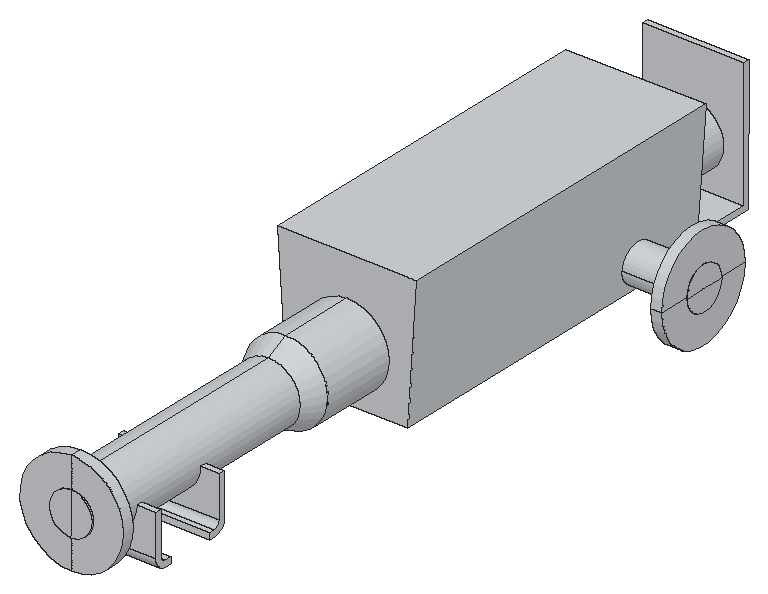
Revit family "fb61463a40d04de6beee19fcb71b6643", category Mechanical Equipment, Revit 2021
Family settings
  Round Connector Dimension = Use Radius
  Classification = Pump
  Part Type = Normal
  OmniClass Number = 23.60.30.21.17
  OmniClass Title = Motor Pumps
  Work Plane-Based = No
  Always vertical = Yes
  Cut with Voids When Loaded = No
  Shared = No
  Room Calculation Point = No
Parameters (values of type "22.5 GPM")
  Voltage [instance] = 240 V
  Symbol Radius = Width / 2  # 5.70898"
  Suction Z Offset = Suction Body Radius + 1/2"  # 2 1/16"
  Suction Nominal Radius = 1 1/4"
  Suction Nominal Diameter = Suction Nominal Radius * 2  # 2 1/2"
  Suction Body Radius = Suction Nominal Radius * 1.05 + 1/4"  # 1 9/16"
  Raised Face Radius = (1.28 * Suction Nominal Diameter + 77/256") / 2  # 1.75039"
  Pump Material = none
  Offset = 0"
  Number of Poles [instance] = 3
  Motor Length = 6 157/256"
  Load Classification = Appliance - Dwelling Unit
  Length 2 = Flange Radius + 2"  # 6 1/4"
  Length 1 = Frame Width / 2 - 1 1/2"  # 2.63477"
  Length = 64 105/256"
  Height = 11 13/128"
  Frame Width = 8 69/256"
  Flow [instance] = 22.5 GPM
  Flange Thickness = 1"
  Flange Radius = Flange Diameter / 2  # 4 1/4"
  Flange Diameter = 8 1/2"
  Discharge Z Offset = 4 105/256"
  Discharge Nominal Radius = Suction Nominal Radius  # 1 1/4"
  Width = 11 107/256"
  Default Elevation = 0"
  Chamber Width = 9 27/32"
  Chamber Length = 29 135/256"
  Center to Suction End = 10.62992"
  Apparent Load [instance] = 0 VA
Reference planes (in)
  plane 1 "Center (Front/Back)": y = 0
  plane 2: z = 0
  plane 3 "Center (Left/Right)": x = 0
  plane 4: x = -5.70898
  plane 5: x = 5.70898
  plane 6: y = -32.20508
  plane 7: y = 32.20508
  plane 8 "Bottom": z = 0
  plane 9: z = 11.10156
  plane 10 "discharge cl": z = 4.41016
  plane 11: y = -32.12634
  plane 12: y = -31.20508
  plane 13 "suction cl": y = 19.3418
  plane 14: y = -11.18555
  plane 15: y = -12.18555
  plane 16: y = -10.18555
  plane 17: z = 5.97266
  plane 18: y = 25.5918
  plane 19: x = -4.13477
  plane 20: x = 4.13477
  plane 21: y = -21.69531
  plane 22 "chamber front": y = -3.93555
  plane 23: x = -4.92187
  plane 24: x = 4.92188
  plane 25 "suction end": x = 10.62992
  plane 26 "suction z cl": z = 2.0625
  plane 27: x = -1.5625
  plane 28: x = 1.5625
Forms (in)
  Revolve 1, solid, material <- "Pump Material"
    sketch origin (0, 0, 0) x (0, 1, 0) y (0, 0, 1)
      loop
        line (32.20508, 4.41016) -> (32.20508, 5.97266) -> (31.26758, 7.04492) -> (19.3418, 7.04492) -> (19.3418, 7.81641) -> (-10.18555, 7.81641) -> (-11.99497, 6.97266) -> (-31.20508, 6.97266) -> (-31.20508, 8.66016) -> (-32.12634, 8.66016) -> (-32.12634, 6.16055) -> (-32.20508, 6.16055) -> (-32.20508, 4.41016) -> (32.20508, 4.41016)
      axis (-32.20508, 4.41016) -> (32.20508, 4.41016)
    angle from 0 to 360
  Extrusion 2, solid, material <- "Pump Material"
    sketch origin (0, 0, 0) x (0, 1, 0) y (0, 0, 1)
      loop
        line (-28.70508, 4.41016) -> (-28.70508, 1)
        arc (-28.70508, 1) -> (-28.41218, 0.29289) -> (-27.70508, 0) r 1
        line (-27.70508, 0) -> (-27.20508, 0) -> (-27.20508, 0.5) -> (-27.70508, 0.5)
        arc (-27.70508, 0.5) -> (-28.05863, 0.64645) -> (-28.20508, 1) r 0.5
        line (-28.20508, 1) -> (-28.20508, 4.41016) -> (-28.70508, 4.41016)
      loop
        line (-21.69531, 4.41016) -> (-22.19531, 4.41016) -> (-22.19531, 1)
        arc (-22.19531, 1) -> (-22.34176, 0.64645) -> (-22.69531, 0.5) r 0.5
        line (-22.69531, 0.5) -> (-23.19531, 0.5) -> (-23.19531, 0) -> (-22.69531, 0)
        arc (-22.69531, 0) -> (-21.98821, 0.29289) -> (-21.69531, 1) r 1
        line (-21.69531, 1) -> (-21.69531, 4.41016)
    from -4.13477 to 4.13477
  Extrusion 3, solid, material <- "Pump Material"
    sketch origin (0, 0, 0) x (0, 1, 0) y (0, 0, 1)
      loop
        line (25.5918, 0) -> (31.95508, 0) -> (31.95508, 11.00781) -> (31.45508, 11.00781) -> (31.45508, 0.5) -> (26.0918, 0.5) -> (26.0918, 9.13672) -> (25.5918, 9.13672) -> (25.5918, 0)
    from -4.13477 to 4.13477
  Extrusion 4, solid, material <- "Pump Material"
    sketch origin (0, 0, 0) x (1, 0, 0) y (0, 0, 1)
      loop
        line (-4.92187, 0) -> (4.92188, 0) -> (5.70898, 11.10156) -> (-5.70898, 11.10156) -> (-4.92187, 0)
    from -25.5918 to 3.93555
  Revolve 5, solid, material <- "Pump Material"
    sketch origin (0, 4.8105, 2.0625) x (0, -1, 0) y (1, 0, 0)
      loop
        line (-14.5313, 0) -> (-14.5313, 10.62992) -> (-16.28169, 10.62992) -> (-16.28169, 10.53617) -> (-18.7813, 10.53617) -> (-18.7813, 9.62992) -> (-16.0938, 9.62992) -> (-16.0938, 0) -> (-14.5313, 0)
      axis (-14.5313, 0) -> (-14.5313, 10.62992)
    angle from 0 to 360
Cuts and joins
  joined: Revolve 1, Extrusion 2, Extrusion 3, Extrusion 4
Lines and regions (in)
  Masking region 1, detail levels fine
    outline origin (0, 0, 4.41016) x (0, -1, 0) y (1, 0, 0)
      loop
        line (-25.5918, -4.13477) -> (-25.5918, -5.70898) -> (3.93555, -5.70898) -> (3.93555, -3.40625) -> (10.18555, -3.40625) -> (12.18555, -2.5625) -> (31.20508, -2.5625) -> (31.20508, -4.25) -> (32.20508, -4.25) -> (32.20508, 4.25) -> (31.20508, 4.25) -> (31.20508, 2.5625) -> (12.18555, 2.5625) -> (10.18555, 3.40625) -> (3.93555, 3.40625) -> (3.93555, 5.70898) -> (-17.7793, 5.70898) -> (-17.7793, 9.62992) -> (-15.0918, 9.62992) -> (-15.0918, 10.62992) -> (-23.5918, 10.62992) -> (-23.5918, 9.62992) -> (-20.9043, 9.62992) -> (-20.9043, 5.70898) -> (-25.5918, 5.70898) -> (-25.5918, 4.13477) -> (-32.20508, 4.13477) -> (-32.20508, -4.13477) -> (-25.5918, -4.13477)
  symbolic lines, detail levels fine
    curve 1: line (-4.13477, 25.5918, 4.41016) -> (4.13477, 25.5918, 4.41016)
    curve 2: line (-3.40625, -3.93555, 4.41016) -> (3.40625, -3.93555, 4.41016)
    curve 3: line (-3.40625, -10.18555, 4.41016) -> (3.40625, -10.18555, 4.41016)
    curve 4: line (-2.5625, -12.18555, 4.41016) -> (2.5625, -12.18555, 4.41016)
    curve 5: line (-2.5625, -31.20508, 4.41016) -> (2.5625, -31.20508, 4.41016)
    curve 6: line (9.62992, 20.9043, 4.41016) -> (9.62992, 17.7793, 4.41016)
    curve 7: line (5.70898, 20.9043, 4.41016) -> (5.70898, 17.7793, 4.41016)
Dimensions and locks (in)
  equal spacing: plane 4, plane 3 "Center (Left/Right)", plane 5
  "Width": plane 4 to plane 5
  equal spacing: plane 7, plane 1 "Center (Front/Back)", plane 6
  "Length": plane 7 to plane 6
  "Offset": plane 8 "Bottom" to level
  "Height": plane 9 to plane 8 "Bottom"
  "Discharge Z Offset": plane 10 "discharge cl" to plane 8 "Bottom"
  locked: plane 6 to plane 11 at 0.07874
  "Flange Thickness": plane 6 to plane 12
  "Flange Thickness": plane 14 to plane 16
  "Flange Thickness": plane 15 to plane 14
  "Flange Radius": Revolve 1 sketch curve to Revolve 1 sketch curve
  "Raised Face Radius": Revolve 1 sketch curve to Revolve 1 sketch curve
  "Suction Body Radius": plane 17 to plane 10 "discharge cl"
  locked: plane 17 to Revolve 1 sketch curve at 1
  equal spacing: Revolve 1 sketch curve, Revolve 1 sketch curve, Revolve 1 sketch curve
  "Length 2": plane 13 "suction cl" to plane 18
  plane 12 to Extrusion 2 sketch curve = 2 1/2"
  locked: Extrusion 2 sketch curve to Extrusion 2 sketch curve at 0.5  (x4)
  locked: Extrusion 2 sketch curve to Extrusion 2 sketch curve at 1  (x2)
  equal spacing: plane 19, plane 3 "Center (Left/Right)", plane 20
  "Frame Width": plane 19 to plane 20
  locked: Extrusion 3 sketch curve to Extrusion 3 sketch curve at 0.5  (x2)
  locked: Extrusion 3 sketch curve to plane 7 at 0.25
  "Motor Length": plane 18 to plane 7
  equal spacing: plane 12, plane 21, plane 15
  "Chamber Length": plane 22 "chamber front" to plane 18
  "Length 2": plane 16 to plane 22 "chamber front"
  equal spacing: plane 24, plane 3 "Center (Left/Right)", plane 23
  "Chamber Width": plane 24 to plane 23
  "Center to Suction End": plane 3 "Center (Left/Right)" to plane 25 "suction end"
  "Suction Z Offset": plane 26 "suction z cl" to level
  locked: Revolve 5 sketch curve to Revolve 5 sketch curve at 0.09375
  "Flange Thickness": Revolve 5 sketch curve to Revolve 5 sketch curve
  "Suction Body Radius": Revolve 5 sketch curve to Revolve 5 sketch curve
  "Raised Face Radius": Revolve 5 sketch curve to Revolve 5 sketch curve
  "Flange Radius": Revolve 5 sketch curve to Revolve 5 sketch curve
  "Length 1": Revolve 1 sketch curve to Revolve 1 sketch curve
  locked: Revolve 1 sketch curve to Revolve 1 sketch curve at 1.07227
  equal spacing: plane 27, plane 3 "Center (Left/Right)", plane 28
  "Suction Body Radius": plane 27 to plane 3 "Center (Left/Right)"
  locked: Masking region 1 sketch curve to plane 27 at 1
  locked: plane 28 to Masking region 1 sketch curve at 1
  "Flange Radius": Masking region 1 sketch curve to plane 3 "Center (Left/Right)"
  "Flange Radius": plane 3 "Center (Left/Right)" to Masking region 1 sketch curve
  equal spacing: Masking region 1 sketch curve, Masking region 1 sketch curve, Masking region 1 sketch curve  (x2)
  "Suction Body Radius": plane 13 "suction cl" to Masking region 1 sketch curve  (x2)
  "Flange Thickness": Masking region 1 sketch curve to Masking region 1 sketch curve
  "Flange Radius": plane 13 "suction cl" to Masking region 1 sketch curve  (x2)
  radius of Extrusion 2 sketch curve = 1"  (x2)
  radius of Extrusion 2 sketch curve = 1/2"  (x2)
  aligned and locked: Revolve 1 sketch curve to plane 10 "discharge cl"
  aligned and locked: Revolve 1 sketch curve to plane 12
  aligned and locked: Revolve 1 sketch curve to plane 11
  aligned and locked: plane 6 to Revolve 1 sketch curve
  aligned and locked: Revolve 1 sketch curve to plane 7
  aligned and locked: Extrusion 2 sketch curve to plane 10 "discharge cl"
  aligned and locked: plane 8 "Bottom" to Extrusion 2 sketch curve
  aligned and locked: Extrusion 2 to plane 19
  aligned and locked: Extrusion 2 to plane 20
  aligned and locked: Extrusion 3 sketch curve to plane 18
  aligned and locked: Extrusion 2 sketch curve to plane 21
  aligned and locked: cut or joined group of Revolve 1, Extrusion 2, Extrusion 3, Extrusion 4 to plane 19
  aligned and locked: plane 20 to cut or joined group of Revolve 1, Extrusion 2, Extrusion 3, Extrusion 4
  aligned and locked: Revolve 1 sketch curve to plane 13 "suction cl"
  aligned and locked: Extrusion 4 sketch curve to plane 8 "Bottom"
  aligned and locked: plane 23 to Extrusion 4 sketch curve
  aligned and locked: plane 24 to Extrusion 4 sketch curve
  aligned and locked: Extrusion 4 sketch curve to plane 9
  aligned and locked: plane 4 to Extrusion 4 sketch curve
  aligned and locked: plane 5 to Extrusion 4 sketch curve
  aligned and locked: Extrusion 4 to plane 22 "chamber front"
  aligned and locked: Extrusion 4 to plane 18
  aligned and locked: Revolve 5 sketch curve to plane 13 "suction cl"
  aligned and locked: Revolve 5 sketch curve to Revolve 5 sketch curve
  aligned and locked: plane 3 "Center (Left/Right)" to Revolve 5 sketch curve
  aligned and locked: Revolve 5 sketch curve to plane 25 "suction end"
  aligned and locked: plane 15 to Masking region 1 sketch curve  (x2)
  aligned and locked: Masking region 1 sketch curve to Masking region 1 sketch curve  (x2)
  aligned and locked: Masking region 1 sketch curve to plane 12
  aligned and locked: Masking region 1 sketch curve to plane 6
  aligned and locked: plane 16 to Masking region 1 sketch curve  (x2)
  aligned and locked: plane 22 "chamber front" to Masking region 1 sketch curve  (x2)
  aligned and locked: plane 4 to Masking region 1 sketch curve
  aligned and locked: Masking region 1 sketch curve to plane 5
  aligned and locked: Masking region 1 sketch curve to plane 18  (x2)
  aligned and locked: Masking region 1 sketch curve to cut or joined group of Revolve 1, Extrusion 2, Extrusion 3, Extrusion 4  (x2)
  aligned and locked: Masking region 1 to curve 5  (x2)
  aligned and locked: curve 5 to Masking region 1
  aligned and locked: Masking region 1 to curve 4  (x2)
  aligned and locked: curve 4 to Masking region 1
  aligned and locked: Masking region 1 to curve 3  (x2)
  aligned and locked: curve 3 to Masking region 1
  aligned and locked: curve 2 to Masking region 1  (x2)
  aligned and locked: Masking region 1 to curve 2
  aligned and locked: curve 1 to Masking region 1  (x2)
  aligned and locked: Masking region 1 to curve 1
  aligned and locked: Masking region 1 sketch curve to plane 25 "suction end"
  aligned and locked: Masking region 1 to curve 6  (x2)
  aligned and locked: curve 6 to Masking region 1
  aligned and locked: curve 7 to Masking region 1  (x2)
  aligned and locked: Masking region 1 to curve 7
Automatic sketch dimensions
  Extrusion 2 sketch curve to plane 8 "Bottom" = 0"
  Extrusion 2 sketch curve to plane 10 "discharge cl" = 0"
  Extrusion 3 sketch curve to plane 8 "Bottom" = 0"
  plane 8 "Bottom" to Extrusion 3 sketch curve = 1/2"
  Revolve 1 sketch curve to plane 16 = 0"
  Revolve 1 sketch curve to plane 10 "discharge cl" = 0"
  Revolve 1 sketch curve to plane 7 = 15/16"
  Revolve 1 sketch curve to plane 6 = 12.60339"
  plane 15 to Revolve 1 sketch curve = 0.19057"
  Revolve 1 sketch curve to Revolve 1 sketch curve = 17.5763"
  Extrusion 3 sketch curve to plane 9 = 1 247/256"
  Extrusion 3 sketch curve to plane 9 = 3/32"
  Revolve 5 sketch curve to plane 4 = 14.9881"
  Revolve 5 sketch curve to Revolve 5 sketch curve = 25.67299"
  Masking region 1 sketch curve to plane 7 = 0"
  Masking region 1 sketch curve to plane 5 = 0"
Nested families (in)
  nested 1: "Pump Symbol" at (0, 0, 11.75), Symbol Radius <- "Symbol Radius", type "Pump Symbol", detail levels coarse+medium
    with Symbol Radius 5.70898", Symbol Length 2 4.94413", Symbol Length 1 2.85449"
Connectors (in)
  piping at (0, -32.20508, 4.41016), diameter 2.5, driven by "Discharge Nominal Radius", driven by "Flow"
    settings: on cut or joined group of Revolve 1, Extrusion 2, Extrusion 3, Extrusion 4, index 2, connector inside diameter 24", connector length 0", flow factor 0, pipe flow 22.5 GPM, pressure drop 0.00 psi, fitting loss kfactor 0, connector angle 0.00°, fixture units 0, engagement length 0", angle of deflection 0.00°, flow configuration 0, flow direction 2, fitting loss method 0, system type 29, joint type 0, gender type 0, connector reference index 4, connector utility 0, adjustable connector no, is connector primary yes, connector description "Out"
  electrical at (0, 32.20508, 4.41016), driven by "Number of Poles", driven by "Load Classification", driven by "Voltage", driven by "Apparent Load"
    settings: on cut or joined group of Revolve 1, Extrusion 2, Extrusion 3, Extrusion 4, index 3, voltage 240 V, apparent load 0 VA, apparent load phase1 0 VA, apparent load phase2 0 VA, apparent load phase3 0 VA, power factor 0.8, load classification "Appliance - Dwelling Unit", number of poles 3, system type 30, power factor state 1, is connector primary yes, connector utility no, sub classification motor no, connector description "Power"
  piping at (10.62992, 19.3418, 2.0625), diameter 2.5, driven by "Suction Nominal Radius", driven by "Flow"
    settings: on Revolve 5, index 4, connector inside diameter 24", connector length 0", flow factor 0, pipe flow 22.5 GPM, pressure drop 0.00 psi, fitting loss kfactor 0, connector angle 0.00°, fixture units 0, engagement length 0", angle of deflection 0.00°, flow configuration 0, flow direction 1, fitting loss method 0, system type 29, joint type 0, gender type 0, connector reference index 2, connector utility 0, adjustable connector no, is connector primary no, connector description "In"
Definition of nested family "Pump Symbol"
  Parameters (values of type "Pump Symbol")
    Symbol Radius [instance] = 24"
    Symbol Length 2 [instance] = cos(30.00°) * Symbol Radius  # 20.78461"
    Symbol Length 1 [instance] = sin(30.00°) * Symbol Radius  # 12"
  Reference planes (in)
    plane 1 "Center (Front/Back)": y = 0
    plane 2: z = 0
    plane 3 "Center (Left/Right)": x = 0
    plane 4: y = 12
    plane 5: y = -24
    plane 6: x = -20.78461
    plane 7: x = 20.78461
  Lines and regions (in)
    Filled region 1, type "Concrete Block", in view "Ref. Level"
      outline origin (0, 0, 0) x (1, 0, 0) y (0, 1, 0)
        loop
          line (-20.78461, 12) -> (0, -24) -> (20.78461, 12) -> (-20.78461, 12)
    detail lines, in view "Ref. Level"
      curve 1: circle (0, 0, 0) r 24 normal (0, 0, 1)
  Dimensions and locks (in)
    "Symbol Radius": plane 1 "Center (Front/Back)" to plane 5
    "Symbol Length 1": plane 4 to plane 1 "Center (Front/Back)"
    "Symbol Length 2": plane 6 to plane 3 "Center (Left/Right)"
    "Symbol Length 2": plane 3 "Center (Left/Right)" to plane 7
    "Symbol Radius": radius of curve 1
    aligned and locked: plane 3 "Center (Left/Right)" to curve 1
    aligned and locked: plane 1 "Center (Front/Back)" to curve 1
  Automatic sketch dimensions
    Filled region 1 sketch curve to plane 4 = 0"
    Filled region 1 sketch curve to plane 6 = 0"
    Filled region 1 sketch curve to plane 3 "Center (Left/Right)" = 0"
    Filled region 1 sketch curve to plane 7 = 0"
    Filled region 1 sketch curve to plane 5 = 0"
